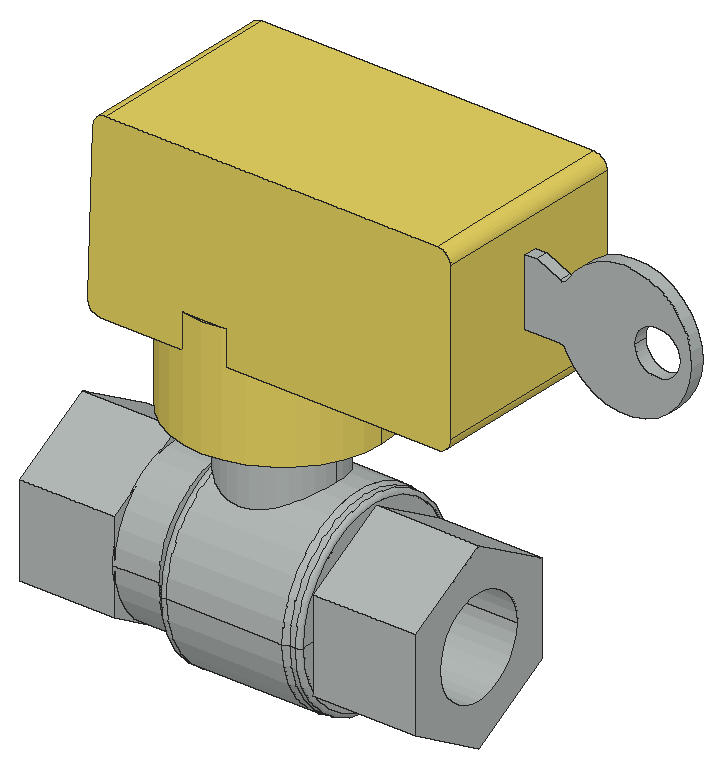
Revit family "QP08000000", category Apparecchi idraulici, Revit 2020
Family settings
  Quota connettore circolare = Usa diametro
  Tipo di parte = Normale
  Numero OmniClass = 23.45.00.00
  Titolo OmniClass = Sanitary, Laundry, and Cleaning Equipment
  Basato su piano di lavoro = No
  Sempre verticale = Sì
  Taglio con vuoti quando caricato = No
  Condiviso = No
  Punto di calcolo locali = No
Parameters
  URL = "https://web.cimberio.com/index.php/figura/100?subcategoria_id="
  Temperatura di esercizio = "-20 ÷ 60°C"
  Prospetto di default = 0 mm
  Produttore = "CIMBERIO SPA"
  Pressione nominale = "MOP 5"
  Modello = "Cim 12GSI"
  Materiale = "Prodotto in lega di ottone conforme alla norma EN 12165-CW617N-DW"
  Descrizione = "Utilizzato nell’impiantistica distributiva di gas a bassa pressione per le categorie:\r\nGas naturali: gas derivati dal petrolio (Metano) e gas di ricambio.\r\nGas di città: prodotti secondo i diversi procedimenti (Cracking - Cokerie - ecc.).\r\nGas liquidi: propano e miscele di gas propano/butano."
  DN Model [instance] = QP08001015 : QP08001015
  DN [instance] = 15 mm
  Commenti sul tipo = "Realizzato in ottemperanza ai requisiti gestionali della norma EN ISO 9001.\r\nCollaudato al 100% secondo la normativa EN 12266-1"
Reference planes
  plane 1 "Centro (Fronte/Retro)": y = 0
  plane 2: z = 0
  plane 3 "Centro (Sinistra/Destra)": x = 0
Dimensions and locks
  aligned and locked: level to plane 2
Nested families
  nested 1: "QP08001015" at (0, 0, 0), type <- "DN Model", type "QP08001015"
  nested 2: "QP08001015" at (0, 0, 0), type <- "DN Model", type "QP08001015"
  nested 3: "QP08001015" at (0, 0, 0), type <- "DN Model", type "QP08001015"
  nested 4: "QP08001015" at (0, 0, 0), type <- "DN Model", type "QP08001015"
  nested 5: "QP08001015" at (0, 0, 0), type <- "DN Model", type "QP08001015"
  nested 6: "QP08001015" at (0, 0, 0), type <- "DN Model", type "QP08001015"
Connectors
  piping at (30.3, 0, 0), diameter 15, driven by "DN"
    settings: on nested 1, index 1, connector inside diameter 609.6 mm, connector length 0 mm, flow factor 0, pipe flow 0.0 L/s, pressure drop 0.0 Pa, fitting loss kfactor 0, connector angle 0.00°, fixture units 0, engagement length 0 mm, angle of deflection 0.00°, flow configuration 0, flow direction 0, fitting loss method 0, system type 7, joint type 0, gender type 0, connector reference index -1, connector utility 0, adjustable connector no, is connector primary yes, connector description ""
  piping at (-30.6, 0, 0), diameter 15, driven by "DN"
    settings: on nested 1, index 2, connector inside diameter 609.6 mm, connector length 0 mm, flow factor 0, pipe flow 0.0 L/s, pressure drop 0.0 Pa, fitting loss kfactor 0, connector angle 0.00°, fixture units 0, engagement length 0 mm, angle of deflection 0.00°, flow configuration 0, flow direction 0, fitting loss method 0, system type 7, joint type 0, gender type 0, connector reference index -1, connector utility 0, adjustable connector no, is connector primary no, connector description ""
Definition of nested family "QP08001015"
  Parameters (values of type "QP08001015")
    Default Elevation = 0 mm
  Reference planes
    plane 1 "Centro (Fronte/Retro)": y = 0
    plane 2: z = 0
    plane 3 "Centro (Sinistra/Destra)": x = 0
  Forms (mm)
    Extrusion 1, solid
      sketch origin (-16, 0, 0) x (0, 0, 1) y (0, 1, 0)
        loop
          circle (0, 0) r 7.5
        loop
          line (-14, 0) -> (-7, -12.124) -> (7, -12.124) -> (14, 0) -> (7, 12.124) -> (-7, 12.124) -> (-14, 0)
      from 0 to 14.6
    Extrusion 2, solid
      sketch origin (16, 0, 0) x (0, 0, 1) y (0, -1, 0)
        loop
          circle (0, 0) r 7.5
        loop
          line (-14, 0) -> (-7, -12.124) -> (7, -12.124) -> (14, 0) -> (7, 12.124) -> (-7, 12.124) -> (-14, 0)
      from -2.262 to 14.3
    Extrusion 3, solid
      sketch origin (0, 0, 28.55) x (1, 0, 0) y (0, 1, 0)
        loop
          circle (0, 0) r 8.45
        loop
          circle (0, 0) r 6.348
      from -20.832 to 5.337
    Revolve 4, solid
      sketch origin (0, 0, 0.345) x (0, 1, 0) y (-1, 0, 0)
        loop
          line (6.091, 16.162) -> (6.091, -14.438) -> (13.893, -14.438)
          arc (13.893, -14.438) -> (14.388, -14.233) -> (14.593, -13.738) r 0.7
          line (14.593, -13.738) -> (14.593, -12.831) -> (14.843, -11.898) -> (14.843, 5.978)
          arc (14.843, 5.978) -> (14.839, 6.406) -> (14.697, 6.809) r 1.301
          line (14.697, 6.809) -> (12.343, 9.162) -> (12.343, 16.162) -> (6.091, 16.162)
        axis (0, 16.162) -> (0, -14.438)
      angle from 0 to 360
    Revolve 5, solid
      sketch origin (0, 0, 0) x (1, 0, 0) y (0, 0, 1)
        loop
          line (0, 22.8) -> (15.417, 22.8) -> (15.417, 41.007) -> (0, 41.007) -> (0, 22.8)
        axis (0, 41.007) -> (0, 22.8)
      angle from 0 to 360
    Extrusion 6, solid
      sketch origin (0, 0, 0) x (1, 0, 0) y (0, 0, 1)
        loop
          arc (-17.928, 37.871) -> (-17.368, 36.411) -> (-15.929, 35.8) r 2
          line (-15.929, 35.8) -> (36, 35.8)
          arc (36, 35.8) -> (37.413, 36.385) -> (38, 37.798) r 2
          line (38, 37.798) -> (38, 61.802)
          arc (38, 61.802) -> (37.414, 63.215) -> (36.001, 63.8) r 2
          line (36.001, 63.8) -> (-15.09, 63.8)
          arc (-15.09, 63.8) -> (-16.48, 63.239) -> (-17.09, 61.87) r 2
          line (-17.09, 61.87) -> (-17.928, 37.871)
      from -15 to 15
    Extrusion 7, solid
      sketch origin (0, 0, 0) x (1, 0, 0) y (0, 0, 1)
        loop
          arc (44.526, 46.446) -> (63.954, 50.68) -> (44.828, 56.118) r 10.25
          arc (44.828, 56.118) -> (44.264, 55.664) -> (43.541, 55.709) r 1
          line (43.541, 55.709) -> (40.024, 57.338) -> (38.28, 57.338) -> (38.28, 55.217) -> (35.652, 55.217) -> (35.652, 47.002) -> (43.63, 47.002)
          arc (43.63, 47.002) -> (44.157, 46.852) -> (44.526, 46.446) r 1
        loop
          circle (58.709, 51) r 3.5
      from -1 to 1
  Dimensions and locks
    aligned and locked: level to plane 2
